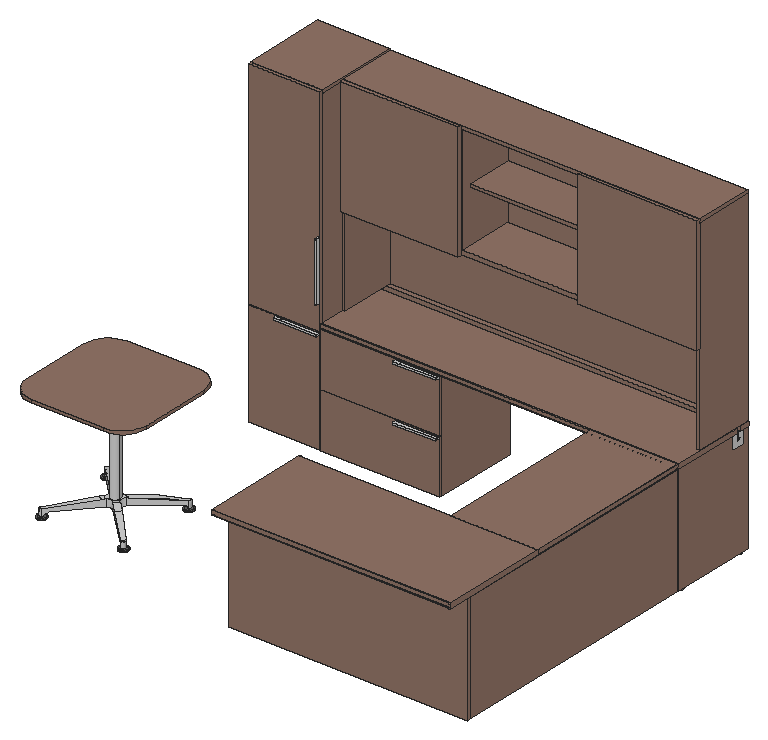
Revit family "FLV007", category Furniture, Revit 2015 (continued)
Definition of nested family "JSI-Flux-Wb_Pm_Ht"
  Dimensions and locks (in)
    aligned and locked: curve 17 to plane 26
    aligned and locked: curve 18 to plane 29
    aligned and locked: plane 58 to curve 24
    aligned and locked: plane 40 to curve 23
    aligned and locked: plane 26 to curve 24
    aligned and locked: plane 72 to nested 8
    aligned and locked: nested 8 to plane 78
    aligned and locked: Extrusion 24 sketch curve to plane 57
    aligned and locked: Extrusion 24 sketch curve to plane 58
    aligned and locked: Extrusion 24 sketch curve to plane 79
    aligned and locked: Extrusion 24 sketch curve to plane 80
    aligned and locked: plane 12 to Extrusion 24
    aligned and locked: Extrusion 24 to plane 49
    aligned and locked: curve 25 to plane 57
    aligned and locked: curve 26 to plane 58
    aligned and locked: plane 40 to curve 26
    aligned and locked: plane 26 to curve 26
    aligned and locked: plane 26 to curve 27
    aligned and locked: plane 40 to curve 28
  Automatic sketch dimensions
    Extrusion 8 sketch curve to plane 22 = 0' - 0"
    plane 25 to Extrusion 8 sketch curve = 0' - 0"
    Extrusion 9 sketch curve to plane 23 = 0' - 0"
    plane 25 to Extrusion 9 sketch curve = 0' - 0"
    Extrusion 10 sketch curve to plane 22 = 0' - 0"
    plane 24 to Extrusion 10 sketch curve = 0' - 0"
    Extrusion 11 sketch curve to plane 23 = 0' - 0"
    plane 24 to Extrusion 11 sketch curve = 0' - 0"
    plane 20 to Extrusion 1 sketch curve = 0' - 0"
    plane 20 to Extrusion 2 sketch curve = 0' - 0"
    plane 8 to curve 4 = 0' - 0"
    plane 18 to curve 14 = 0' - 0"
    plane 17 to curve 13 = 0' - 0"
    Extrusion 12 sketch curve to plane 9 = 0' - 0"
    Extrusion 13 sketch curve to plane 56 = 0' - 0"
  Nested families (in)
    nested 1: "Label 1-16" at (-27.03288, -11.0625, 0), type "DRWCFG"
    nested 2: "Hanger" at (-28.02501, -0.15625, 77.59375), Hngr L <- "Hngr_L", Hngr R <- "Hngr_R", Hanger Finish <- "Pull Finish", type "HNGR"
      with Hngr R no, Hngr L yes, Hanger Finish none
    nested 3: "Bar Pull CL" at (-32.97814, -11.0625, 26.73438), visible <- "Top_Pull", Pull Line <- "Top_Pull", Pull Finish <- "Pull Finish", type "PL"
      with Pull Line yes, Pull Finish none, Stud 0' - 1.54911", Pull Width 0' - 10 27/32"
    nested 4: "Bar Pull CL" at (-32.97814, -11.0625, 20.375), visible <- "C_Pull", Pull Line <- "C_Pull", Pull Finish <- "Pull Finish", type "PL"
      with Pull Line yes, Pull Finish none, Stud 0' - 1.54911", Pull Width 0' - 10 27/32"
    nested 5: "Bar Pull CL" at (-32.97814, -11.0625, 14.01563), visible <- "Bottom Pull", Pull Line <- "Bottom Pull", Pull Finish <- "Pull Finish", type "PL"
      with Pull Line yes, Pull Finish none, Stud 0' - 1.54911", Pull Width 0' - 10 27/32"
    nested 6: "Bar Pull V" at (-27.55626, -11.0625, 40.76563), Pull R <- "V_Pull_L_R", Pull L <- "V_Pull_L_L", Pull Finish <- "Pull Finish", type "PL"
      with Pull R no, Pull L no, Pull Finish none, Tuks Width 0' - 2.47396", Pull Width 1' - 2 27/32"
    nested 7: "Bar Pull V" at (-26.99376, -11.0625, 40.76563), Pull R <- "V_Pull_R_R", Pull L <- "V_Pull_R_L", Pull Finish <- "Pull Finish", type "PL"
      with Pull R no, Pull L yes, Pull Finish none, Tuks Width 0' - 2.47396", Pull Width 1' - 2 27/32"
    nested 8: "Bar Pull CL" at (-13.82189, -11.0625, 26.73438), Pull Finish <- "Pull Finish", visible <- "Top_2_Pull", Pull Line <- "Top_2_Pull", type "PL"
      with Pull Line no, Pull Finish none, Stud 0' - 1.54911", Pull Width 0' - 10 27/32"
  Definition of nested family "Hanger"
    Parameters
      Hngr L [instance] = yes
      Hngr R [instance] = yes
      Hanger Finish [instance] = none
    Reference planes (in)
      plane 1 "Center Front/Back": y = 0
      plane 2: z = 0
      plane 3 "Center Left/Right": x = 3.24213
    Forms (in)
      Extrusion 1, solid, material <- "Hanger Finish", visible <- "Hngr R"
        sketch origin (0, 0, -65.69959) x (1, 0, 0) y (0, 0, 1)
          loop
            line (3.24213, 65.32459) -> (3.24213, 63.58858)
            arc (3.24213, 63.58858) -> (3.7521, 62.87944) -> (4.58667, 63.13722) r 0.74803
            line (4.58667, 63.13722) -> (4.85512, 63.492) -> (4.73078, 63.58608) -> (4.45513, 63.2218)
            arc (4.45513, 63.2218) -> (3.83, 63.04103) -> (3.47835, 63.58858) r 0.54433
            line (3.47835, 63.58858) -> (3.55698, 64.7131)
            arc (3.55698, 64.7131) -> (3.65039, 65.09816) -> (3.86566, 65.43082) r 1.18359
            line (3.86566, 65.43082) -> (3.6823, 65.63583) -> (3.37377, 65.35987)
            arc (3.37377, 65.35987) -> (3.31215, 65.32654) -> (3.24213, 65.32459) r 0.15109
        from -0.46747 to 0.46747
      Extrusion 2, void
        sketch origin (3.24213, 0, -65.69959) x (0, 1, 0) y (0, 0, 1)
          loop
            line (0.46747, 65.91904) -> (0.30479, 62.81504) -> (0.46747, 62.81504) -> (0.46747, 65.91904)
          loop
            line (-0.46747, 65.91904) -> (-0.46747, 62.81504) -> (-0.30479, 62.81504) -> (-0.46747, 65.91904)
        from -1.75548 to 1.75581
      Extrusion 3, solid, material <- "Hanger Finish", visible <- "Hngr L"
        sketch origin (6.48425, 0, -65.69959) x (-1, 0, 0) y (0, 0, -1)
          loop
            arc (3.24213, -65.32459) -> (3.31215, -65.32654) -> (3.37377, -65.35987) r 0.15109
            line (3.37377, -65.35987) -> (3.6823, -65.63583) -> (3.86566, -65.43082)
            arc (3.86566, -65.43082) -> (3.65039, -65.09816) -> (3.55698, -64.7131) r 1.18359
            line (3.55698, -64.7131) -> (3.47835, -63.58858)
            arc (3.47835, -63.58858) -> (3.83, -63.04103) -> (4.45513, -63.2218) r 0.54433
            line (4.45513, -63.2218) -> (4.73078, -63.58608) -> (4.85512, -63.492) -> (4.58667, -63.13722)
            arc (4.58667, -63.13722) -> (3.7521, -62.87944) -> (3.24213, -63.58858) r 0.74803
            line (3.24213, -63.58858) -> (3.24213, -65.32459)
        from -0.46747 to 0.46747
    Cuts and joins
      Extrusion 2 cuts Extrusion 3
      Extrusion 2 cuts Extrusion 1
    Dimensions and locks (in)
      aligned and locked: level to plane 2
  Definition of nested family "Bar Pull CL"
    Parameters
      Stud = Pull Width / 7  # 0' - 2.12054"
      Pull Width = 1' - 2 27/32"
      Pull Line [instance] = yes
      Pull Finish [instance] = none
    Reference planes (in)
      plane 1 "Center Front/Back": y = 0
      plane 2: z = 0
      plane 3 "Center Left/Right": x = 3.24213
    Forms (in)
      Extrusion 1, solid, material <- "Pull Finish"
        sketch origin (0, 0, 0) x (1, 0, 0) y (0, 1, 0)
          loop
            line (-4.17975, 0) -> (-4.17975, -0.85113)
            arc (-4.17975, -0.85113) -> (-4.15229, -0.91742) -> (-4.086, -0.94488) r 0.09375
            line (-4.086, -0.94488) -> (10.58526, -0.94488)
            arc (10.58526, -0.94488) -> (10.64094, -0.92182) -> (10.664, -0.86614) r 0.07874
            line (10.664, -0.86614) -> (10.664, 0) -> (8.54347, 0) -> (8.54347, -0.70177)
            arc (8.54347, -0.70177) -> (8.50685, -0.79016) -> (8.41847, -0.82677) r 0.125
            line (8.41847, -0.82677) -> (-1.93421, -0.82677)
            arc (-1.93421, -0.82677) -> (-2.0226, -0.79016) -> (-2.05921, -0.70177) r 0.125
            line (-2.05921, -0.70177) -> (-2.05921, 0) -> (-4.17975, 0)
        from -0.43307 to -0.11811
      Extrusion 2, solid, material <- "Pull Finish"
        sketch origin (0, 0, 0) x (1, 0, 0) y (0, 1, 0)
          loop
            line (-4.17975, 0) -> (-4.17975, -0.85113)
            arc (-4.17975, -0.85113) -> (-4.15229, -0.91742) -> (-4.086, -0.94488) r 0.09375
            line (-4.086, -0.94488) -> (10.58526, -0.94488)
            arc (10.58526, -0.94488) -> (10.64094, -0.92182) -> (10.664, -0.86614) r 0.07874
            line (10.664, -0.86614) -> (10.664, 0) -> (-4.17975, 0)
        from 0 to -0.11811
    Cuts and joins
      joined: Extrusion 1, Extrusion 2
    Lines and regions (in)
      symbolic lines, visible <- "Pull Line"
        curve 1: line (-4.17975, 0, 0) -> (-4.17975, -0.85113, 0)
        curve 2: line (10.664, -0.86614, 0) -> (10.664, 0, 0)
        curve 3: line (-4.086, -0.94488, 0) -> (10.58526, -0.94488, 0)
        curve 4: arc (-4.17975, -0.85113, 0) -> (-4.15229, -0.91742, 0) -> (-4.086, -0.94488, 0) r 0.09375
        curve 5: arc (10.58526, -0.94488, 0) -> (10.64094, -0.92182, 0) -> (10.664, -0.86614, 0) r 0.07874
    Dimensions and locks (in)
      equal spacing: Extrusion 1 sketch curve, plane 3 "Center Left/Right", Extrusion 1 sketch curve
      "Stud": Extrusion 1 sketch curve to Extrusion 1 sketch curve  (x2)
      "Pull Width": Extrusion 1 sketch curve to Extrusion 1 sketch curve
      aligned and locked: level to plane 2
      aligned and locked: Extrusion 2 sketch curve to Extrusion 1  (x2)
      aligned and locked: cut or joined group of Extrusion 1, Extrusion 2 to curve 1
      aligned and locked: curve 4 to cut or joined group of Extrusion 1, Extrusion 2
      aligned and locked: curve 5 to cut or joined group of Extrusion 1, Extrusion 2
      aligned and locked: plane 1 "Center Front/Back" to curve 1
      aligned and locked: plane 1 "Center Front/Back" to curve 2
    Automatic sketch dimensions
      plane 1 "Center Front/Back" to Extrusion 2 sketch curve = 0' - 0"
      plane 1 "Center Front/Back" to Extrusion 1 sketch curve = 0' - 0"  (x2)
      Extrusion 1 sketch curve to Extrusion 1 sketch curve = 0' - 0 3/32"
      Extrusion 1 sketch curve to Extrusion 1 sketch curve = 0' - 0 1/8"  (x2)
      Extrusion 1 sketch curve to Extrusion 1 sketch curve = 0' - 0.07874"
      plane 1 "Center Front/Back" to Extrusion 1 sketch curve = 0' - 0.70177"
      Extrusion 1 sketch curve to Extrusion 1 sketch curve = 0' - 0.85113"
  Definition of nested family "Bar Pull V"
    Parameters
      Tuks Width = Pull Width / 6  # 0' - 2.47917"
      Pull Width = 1' - 2 7/8"
      Pull R [instance] = yes
      Pull L [instance] = yes
      Pull Finish [instance] = none
    Reference planes (in)
      plane 1 "Center Front/Back": y = 0
      plane 2: z = 0
      plane 3 "Center Left/Right": x = 3.24213
      plane 4: z = 7.4375
      plane 5: z = -7.4375
      plane 6: z = 4.95833
      plane 7: z = -4.95833
    Forms (in)
      Extrusion 1, solid, material <- "Pull Finish", visible <- "Pull R"
        sketch origin (3.24213, 0, 3.24963) x (0, 0, -1) y (0, 1, 0)
          loop
            line (-4.18787, 0) -> (-4.18787, -0.85113)
            arc (-4.18787, -0.85113) -> (-4.16041, -0.91742) -> (-4.09412, -0.94488) r 0.09375
            line (-4.09412, -0.94488) -> (10.60839, -0.94488)
            arc (10.60839, -0.94488) -> (10.66407, -0.92182) -> (10.68713, -0.86614) r 0.07874
            line (10.68713, -0.86614) -> (10.68713, 0) -> (8.20796, 0) -> (8.20796, -0.70177)
            arc (8.20796, -0.70177) -> (8.17135, -0.79016) -> (8.08296, -0.82677) r 0.125
            line (8.08296, -0.82677) -> (-1.5837, -0.82677)
            arc (-1.5837, -0.82677) -> (-1.67209, -0.79016) -> (-1.7087, -0.70177) r 0.125
            line (-1.7087, -0.70177) -> (-1.7087, 0) -> (-4.18787, 0)
        from -0.43307 to -0.11811
      Extrusion 2, solid, material <- "Pull Finish", visible <- "Pull R"
        sketch origin (3.24213, 0, 3.24963) x (0, 0, -1) y (0, 1, 0)
          loop
            line (-4.18787, 0) -> (-4.18787, -0.85113)
            arc (-4.18787, -0.85113) -> (-4.16041, -0.91742) -> (-4.09412, -0.94488) r 0.09375
            line (-4.09412, -0.94488) -> (10.60839, -0.94488)
            arc (10.60839, -0.94488) -> (10.66407, -0.92182) -> (10.68713, -0.86614) r 0.07874
            line (10.68713, -0.86614) -> (10.68713, 0) -> (-4.18787, 0)
        from 0 to -0.11811
      Extrusion 3, solid, material <- "Pull Finish", visible <- "Pull L"
        sketch origin (3.24213, 0, 3.24963) x (0, 0, -1) y (0, -1, 0)
          loop
            line (-4.18787, 0) -> (-1.7087, 0) -> (-1.7087, 0.70177)
            arc (-1.7087, 0.70177) -> (-1.67209, 0.79016) -> (-1.5837, 0.82677) r 0.125
            line (-1.5837, 0.82677) -> (8.08296, 0.82677)
            arc (8.08296, 0.82677) -> (8.17135, 0.79016) -> (8.20796, 0.70177) r 0.125
            line (8.20796, 0.70177) -> (8.20796, 0) -> (10.68713, 0) -> (10.68713, 0.86614)
            arc (10.68713, 0.86614) -> (10.66407, 0.92182) -> (10.60839, 0.94488) r 0.07874
            line (10.60839, 0.94488) -> (-4.09412, 0.94488)
            arc (-4.09412, 0.94488) -> (-4.16041, 0.91742) -> (-4.18787, 0.85113) r 0.09375
            line (-4.18787, 0.85113) -> (-4.18787, 0)
        from -0.43307 to -0.11811
      Extrusion 4, solid, material <- "Pull Finish", visible <- "Pull L"
        sketch origin (3.24213, 0, 3.24963) x (0, 0, -1) y (0, -1, 0)
          loop
            line (-4.18787, 0) -> (10.68713, 0) -> (10.68713, 0.86614)
            arc (10.68713, 0.86614) -> (10.66407, 0.92182) -> (10.60839, 0.94488) r 0.07874
            line (10.60839, 0.94488) -> (-4.09412, 0.94488)
            arc (-4.09412, 0.94488) -> (-4.16041, 0.91742) -> (-4.18787, 0.85113) r 0.09375
            line (-4.18787, 0.85113) -> (-4.18787, 0)
        from 0 to -0.11811
    Cuts and joins
      joined: Extrusion 1, Extrusion 2
      joined: Extrusion 3, Extrusion 4
    Dimensions and locks (in)
      "Pull Width": plane 4 to plane 5
      "Tuks Width": plane 4 to plane 6
      "Tuks Width": plane 7 to plane 5
      equal spacing: plane 4, plane 2, plane 5
      aligned and locked: level to plane 2
      aligned and locked: Extrusion 2 sketch curve to Extrusion 1  (x2)
      aligned and locked: Extrusion 4 sketch curve to Extrusion 3  (x2)
      aligned and locked: plane 4 to cut or joined group of Extrusion 1, Extrusion 2  (x3)
      aligned and locked: plane 4 to cut or joined group of Extrusion 3, Extrusion 4
      aligned and locked: cut or joined group of Extrusion 1, Extrusion 2 to plane 6
      aligned and locked: cut or joined group of Extrusion 3, Extrusion 4 to plane 6
      aligned and locked: plane 7 to cut or joined group of Extrusion 1, Extrusion 2
      aligned and locked: cut or joined group of Extrusion 1, Extrusion 2 to plane 5
      aligned and locked: cut or joined group of Extrusion 3, Extrusion 4 to plane 5
    Automatic sketch dimensions
      Extrusion 1 sketch curve to plane 4 = 0' - 0"
      Extrusion 1 sketch curve to plane 6 = 0' - 0"
      Extrusion 1 sketch curve to plane 1 "Center Front/Back" = 0' - 0"  (x2)
      Extrusion 1 sketch curve to plane 7 = 0' - 0"
      Extrusion 1 sketch curve to plane 5 = 0' - 0"
      Extrusion 1 sketch curve to Extrusion 1 sketch curve = 0' - 0 3/32"
      Extrusion 1 sketch curve to plane 6 = 0' - 0 1/8"
      plane 7 to Extrusion 1 sketch curve = 0' - 0 1/8"
      plane 5 to Extrusion 1 sketch curve = 0' - 0.07874"
      plane 1 "Center Front/Back" to Extrusion 1 sketch curve = 0' - 0.70177"
      Extrusion 1 sketch curve to Extrusion 1 sketch curve = 0' - 0.85113"
      Extrusion 2 sketch curve to plane 4 = 0' - 0"
      Extrusion 2 sketch curve to plane 5 = 0' - 0"
      Extrusion 2 sketch curve to Extrusion 2 sketch curve = 0' - 0 3/32"
      Extrusion 2 sketch curve to Extrusion 2 sketch curve = 0' - 0.07874"
      Extrusion 3 sketch curve to plane 4 = 0' - 0"
      Extrusion 3 sketch curve to plane 6 = 0' - 0"
      Extrusion 3 sketch curve to plane 1 "Center Front/Back" = 0' - 0"  (x2)
      Extrusion 3 sketch curve to plane 7 = 0' - 0"
      Extrusion 3 sketch curve to plane 5 = 0' - 0"
      Extrusion 3 sketch curve to plane 4 = 0' - 0 3/32"
      Extrusion 3 sketch curve to plane 6 = 0' - 0 1/8"
      plane 7 to Extrusion 3 sketch curve = 0' - 0 1/8"
      plane 5 to Extrusion 3 sketch curve = 0' - 0.07874"
      plane 1 "Center Front/Back" to Extrusion 3 sketch curve = 0' - 0.70177"
      Extrusion 3 sketch curve to Extrusion 3 sketch curve = 0' - 0.85113"
      Extrusion 4 sketch curve to plane 4 = 0' - 0"
      Extrusion 4 sketch curve to plane 5 = 0' - 0"
      Extrusion 4 sketch curve to plane 4 = 0' - 0 3/32"
      Extrusion 4 sketch curve to Extrusion 4 sketch curve = 0' - 0.07874"
  Definition of nested family "Label 1-16"
    Parameters
      Model Name = "BF - BF - BF"
    Reference planes (in)
      plane 1: y = 0
      plane 2: x = 0
    Text (in)
      label "XX" at (0.00051, -0.12324, 0), shows "Model Name"
Definition of nested family "JSI-Flux-Square-Stationary_Table"
  Parameters (values of type "FLT2424ST4B,Laminate 24x24 Square Stationary Height Table")
    Worksurface = none
    Width = 2' - 0"
    URL = "www.jsifurniture.com"
    Type Comments = ""
    Support = none
    Series = "FLUX"  # constant formula
    Legs = none
    Model = "FLT2424ST4B"
    Material = ""
    Manufacturer = "JSI"  # constant formula
    Keynote = "12500"
    JSI Enviromental Website = "http://www.jsifurniture.com/jsi_sustainability_intro.php"
    Height = 2' - 5"
    Glides = none
    Description = "Square Stationary Height Table, Depth 24”, Width 24”, Height 29”, Laminate"
    Depth = 2' - 0"
    Assembly Code = "E2020200"
  Types (4): name | Width | Model | Description | Depth
    FLV3030ST4B,Veneer 30x30 Square Stationary Height Table | 2' - 6" | "FLV3030ST4B" | "Square Stationary Height Table, Depth 30”, Width 30”, Height 29”, Venner" | 2' - 6"
    FLV2424ST4B,Veneer 24x24 Square Stationary Height Table | 2' - 0" | "FLV2424ST4B" | "Square Stationary Height Table, Depth 24”, Width 24”, Height 29”, Venner" | 2' - 0"
    FLT3030ST4B,Laminate 30x30 Square Stationary Height Table | 2' - 6" | "FLT3030ST4B" | "Square Stationary Height Table, Depth 30”, Width 30”, Height 29”, Laminate" | 2' - 6"
    FLT2424ST4B,Laminate 24x24 Square Stationary Height Table | 2' - 0" | "FLT2424ST4B" | "Square Stationary Height Table, Depth 24”, Width 24”, Height 29”, Laminate" | 2' - 0"
  Reference planes (in)
    plane 1: z = 0
    plane 2 "Center (Left/Right)": x = -36.06413
    plane 3: z = 29
    plane 4 "Center (Front/Back)": y = 10.75
    plane 5: z = 28.25
    plane 6: z = 28
    plane 7: y = 22.75
    plane 8: y = -1.25
    plane 9: x = -48.06413
    plane 10: x = -24.06413
    plane 11: z = 3.77058
    plane 12: through (-41.94098, 16.62684, 48) normal (-0.7071, -0.7071, 0)
    plane 13: through (-30.05373, 16.76041, 48) normal (-0.7071, 0.7071, 0)
  Forms (in)
    Sweep 1, solid, material <- "Worksurface"
      path origin (0, 0, 0) x (1, 0, 0) y (0, 1, 0)
        loop
          line (-30.06413, 22.75) -> (-42.06413, 22.75)
          arc (-42.06413, 22.75) -> (-46.30678, 20.99264) -> (-48.06413, 16.75) r 6
          line (-48.06413, 16.75) -> (-48.06413, 4.75)
          arc (-48.06413, 4.75) -> (-46.30678, 0.50736) -> (-42.06413, -1.25) r 6
          line (-42.06413, -1.25) -> (-30.06413, -1.25)
          arc (-30.06413, -1.25) -> (-25.82149, 0.50736) -> (-24.06413, 4.75) r 6
          line (-24.06413, 4.75) -> (-24.06413, 16.75)
          arc (-24.06413, 16.75) -> (-25.82149, 20.99264) -> (-30.06413, 22.75) r 6
      profile origin (-36.06413, 22.75, 0) x (0, -1, 0) y (0, 0, 1)
        loop
          line (0, 29) -> (0, 28.25) -> (0.05897, 28.25) -> (0.05897, 29) -> (0, 29)
    Extrusion 2, solid, material <- "Worksurface"
      sketch origin (-30.06413, 22.75, 29) x (-1, 0, 0) y (0, -1, 0)
        loop
          line (12, 23.94103) -> (0, 23.94103)
          arc (0, 23.94103) -> (-4.20094, 22.20094) -> (-5.94103, 18) r 5.94103
          line (-5.94103, 18) -> (-5.94103, 6)
          arc (-5.94103, 6) -> (-4.20094, 1.79906) -> (0, 0.05897) r 5.94103
          line (0, 0.05897) -> (12, 0.05897)
          arc (12, 0.05897) -> (16.20094, 1.79906) -> (17.94103, 6) r 5.94103
          line (17.94103, 6) -> (17.94103, 18)
          arc (17.94103, 18) -> (16.20094, 22.20094) -> (12, 23.94103) r 5.94103
      from 0 to -0.75
    Revolve 3, solid, material <- "Support"
      sketch origin (0, 10.75, 0) x (1, 0, 0) y (0, 0, 1)
        loop
          line (-42.06413, 28.25) -> (-42.06413, 28) -> (-36.06413, 28) -> (-36.06413, 28.25) -> (-42.06413, 28.25)
        axis (-36.06413, 28) -> (-36.06413, 28.25)
      angle from 0 to 360
    Sweep 4, solid, material <- "Legs"
      path origin (0, 0, 0) x (1, 0, 0) y (0, 0, 1)
        loop
          line (-36.06413, 3.77058) -> (-36.06413, 28)
      profile origin (-36.06413, 0, 15.88529) x (-1, 0, 0) y (0, -1, 0)
        loop
          circle (0, -10.75) r 1.17812
  Cuts and joins
    joined: Sweep 1, Extrusion 2
  Lines and regions (in)
    symbolic lines
      curve 1: line (-30.06413, 22.75, 0) -> (-42.06413, 22.75, 0)
      curve 2: arc (-42.06413, 22.75, 0) -> (-46.30678, 20.99264, 0) -> (-48.06413, 16.75, 0) r 6
      curve 3: line (-48.06413, 16.75, 0) -> (-48.06413, 4.75, 0)
      curve 4: arc (-48.06413, 4.75, 0) -> (-46.30678, 0.50736, 0) -> (-42.06413, -1.25, 0) r 6
      curve 5: line (-42.06413, -1.25, 0) -> (-30.06413, -1.25, 0)
      curve 6: arc (-30.06413, -1.25, 0) -> (-25.82149, 0.50736, 0) -> (-24.06413, 4.75, 0) r 6
      curve 7: line (-24.06413, 4.75, 0) -> (-24.06413, 16.75, 0)
      curve 8: arc (-24.06413, 16.75, 0) -> (-25.82149, 20.99264, 0) -> (-30.06413, 22.75, 0) r 6
    symbolic lines, detail levels fine
      curve 9: circle (-36.06413, 10.75, 0) r 6 normal (0, 0, 1)
  Dimensions and locks (in)
    "Height": plane 3 to level
    locked: plane 3 to plane 5 at 0.75
    locked: plane 5 to plane 6 at 0.25
    equal spacing: plane 9, plane 2 "Center (Left/Right)", plane 10
    "Width": plane 9 to plane 10
    equal spacing: plane 7, plane 4 "Center (Front/Back)", plane 8
    "Depth": plane 7 to plane 8
    locked: plane 7 to Sweep 1 sketch curve at 0.05897
    locked: plane 9 to Sweep 1 sketch curve at 6  (x2)
    locked: plane 7 to Sweep 1 sketch curve at 6  (x2)
    locked: Sweep 1 sketch curve to plane 10 at 6  (x2)
    locked: Sweep 1 sketch curve to plane 8 at 6  (x2)
    locked: plane 11 to plane 1 at 3.77058
    aligned and locked: plane 1 to level
    aligned and locked: Sweep 1 sketch curve to plane 9
    aligned and locked: Sweep 1 sketch curve to plane 10
    aligned and locked: Sweep 1 sketch curve to plane 8
    aligned and locked: Sweep 1 sketch curve to plane 7
    aligned and locked: Sweep 1 sketch curve to plane 5
    aligned and locked: Sweep 1 sketch curve to plane 3
    aligned and locked: Extrusion 2 sketch curve to Sweep 1  (x4)
    aligned and locked: Extrusion 2 to plane 3
    aligned and locked: plane 5 to Extrusion 2
    aligned and locked: plane 6 to Sweep 4 sketch curve
    aligned and locked: plane 11 to Sweep 4 sketch curve
    aligned and locked: plane 12 to nested 1
    aligned and locked: plane 13 to nested 1
    aligned and locked: curve 2 to cut or joined group of Sweep 1, Extrusion 2
    aligned and locked: curve 4 to cut or joined group of Sweep 1, Extrusion 2
    aligned and locked: curve 6 to cut or joined group of Sweep 1, Extrusion 2
    aligned and locked: curve 8 to cut or joined group of Sweep 1, Extrusion 2
  Automatic sketch dimensions
    Revolve 3 sketch curve to plane 5 = 0' - 0"
    Revolve 3 sketch curve to plane 6 = 0' - 0"  (x2)
    Revolve 3 sketch curve to plane 2 "Center (Left/Right)" = 0' - 0"  (x2)
    Revolve 3 sketch curve to plane 3 = 0' - 0"
    Revolve 3 sketch curve to Revolve 3 sketch curve = 0' - 6"
    Sweep 4 sketch curve to plane 2 "Center (Left/Right)" = 0' - 0"
    Sweep 4 sketch curve to profile plane = 0' - 0"
    Sweep 4 sketch curve to profile plane = 0' - 10 3/4"
    curve 9 to plane 2 "Center (Left/Right)" = 0' - 0"
    plane 4 "Center (Front/Back)" to curve 9 = 0' - 0"
    radius of Sweep 4 sketch curve = 0' - 1.17812"
    radius of curve 9 = 0' - 6"
  Nested families (in)
    nested 1: "Leg" at (-36.06413, 10.75, 0) x (0.7071, -0.7071, 0) z (0, 0, 1), Leg <- "Legs", Glides <- "Glides", type "LG"
      with Leg none, Glides none
  Definition of nested family "Leg"
    Parameters
      Leg [instance] = none
      Glides [instance] = none
    Reference planes (in)
      plane 1 "Center (Front/Back)": y = 0
      plane 2: z = 0
      plane 3 "Center (Left/Right)": x = 0
    Forms (in)
      Extrusion 1, solid, material <- "Leg"
        sketch origin (0, 0, 0) x (1, 0, 0) y (0, 0, 1)
          loop
            line (-0.75, 3.75) -> (-2.20054, 3.75)
            arc (-2.20054, 3.75) -> (-2.28452, 3.74948) -> (-2.36849, 3.74791) r 6.76178
            arc (-2.36849, 3.74791) -> (-8.68846, 3.25467) -> (-14.92066, 2.09494) r 59.77845
            arc (-14.92066, 2.09494) -> (-15.00208, 2.0437) -> (-15.03594, 1.95365) r 0.15077
            line (-15.03594, 1.95365) -> (-15.07979, 0.69775)
            arc (-15.07979, 0.69775) -> (-15.05871, 0.64281) -> (-15.00454, 0.61981) r 0.0753
            line (-15.00454, 0.61981) -> (-14.44703, 0.61981)
            arc (-14.44703, 0.61981) -> (-14.42739, 0.62795) -> (-14.41925, 0.6476) r 0.02778
            line (-14.41925, 0.6476) -> (-14.41925, 0.70379)
            arc (-14.41925, 0.70379) -> (-14.41195, 0.73627) -> (-14.39147, 0.7625) r 0.07593
            line (-14.39147, 0.7625) -> (-14.1971, 0.92194) -> (-13.56147, 1.31913)
            arc (-13.56147, 1.31913) -> (-13.4254, 1.38495) -> (-13.27838, 1.42011) r 0.70161
            arc (-13.27838, 1.42011) -> (-7.02608, 1.96894) -> (-0.75, 2.02611) r 80.02661
            line (-0.75, 2.02611) -> (-0.75, 3.75)
        from -1.10285 to 1.0306
      Extrusion 2, void
        sketch origin (0, 0, 0) x (1, 0, 0) y (0, 1, 0)
          loop
            line (-14.55691, 0.48872) -> (-0.75, 0.72972) -> (-0.75, 1.70351) -> (-16.50119, 1.70351) -> (-16.50119, -2.29649) -> (-0.75, -2.29649) -> (-0.75, -0.74461) -> (-14.55691, -0.50361)
            arc (-14.55691, -0.50361) -> (-15.04448, -0.00745) -> (-14.55691, 0.48872) r 0.49624
        from 0 to 12
      Extrusion 3, solid, material <- "Leg"
        sketch origin (0, 0, 0) x (-1, 0, 0) y (0, 0, -1)
          loop
            line (-0.74791, -3.75) -> (-0.74791, -2.02605)
            arc (-0.74791, -2.02605) -> (-7.02504, -1.969) -> (-13.27838, -1.42011) r 80.02661
            arc (-13.27838, -1.42011) -> (-13.4254, -1.38495) -> (-13.56147, -1.31913) r 0.70161
            line (-13.56147, -1.31913) -> (-14.1971, -0.92194) -> (-14.39147, -0.7625)
            arc (-14.39147, -0.7625) -> (-14.41195, -0.73627) -> (-14.41925, -0.70379) r 0.07593
            line (-14.41925, -0.70379) -> (-14.41925, -0.6476)
            arc (-14.41925, -0.6476) -> (-14.42739, -0.62795) -> (-14.44703, -0.61981) r 0.02778
            line (-14.44703, -0.61981) -> (-15.00454, -0.61981)
            arc (-15.00454, -0.61981) -> (-15.05871, -0.64281) -> (-15.07979, -0.69775) r 0.0753
            line (-15.07979, -0.69775) -> (-15.03594, -1.95365)
            arc (-15.03594, -1.95365) -> (-15.00208, -2.0437) -> (-14.92066, -2.09494) r 0.15077
            arc (-14.92066, -2.09494) -> (-10.28979, -3.0217) -> (-5.60021, -3.58) r 59.77845
            arc (-5.60021, -3.58) -> (-3.45063, -3.70748) -> (-1.29769, -3.75) r 54.53193
            line (-1.29769, -3.75) -> (-0.74791, -3.75)
        from -1.10285 to 1.0306
      Extrusion 4, solid, material <- "Leg"
        sketch origin (-0.03613, 0.03613, 0) x (0, -1, 0) y (0, 0, 1)
          loop
            line (-0.71387, 3.75) -> (-2.24983, 3.75)
            arc (-2.24983, 3.75) -> (-2.28238, 3.74981) -> (-2.31494, 3.74922) r 2.71957
            arc (-2.31494, 3.74922) -> (-8.6619, 3.25816) -> (-14.92066, 2.09494) r 59.77845
            arc (-14.92066, 2.09494) -> (-15.00208, 2.0437) -> (-15.03594, 1.95365) r 0.15077
            line (-15.03594, 1.95365) -> (-15.07979, 0.69775)
            arc (-15.07979, 0.69775) -> (-15.05871, 0.64281) -> (-15.00454, 0.61981) r 0.0753
            line (-15.00454, 0.61981) -> (-14.44703, 0.61981)
            arc (-14.44703, 0.61981) -> (-14.42739, 0.62795) -> (-14.41925, 0.6476) r 0.02778
            line (-14.41925, 0.6476) -> (-14.41925, 0.70379)
            arc (-14.41925, 0.70379) -> (-14.41195, 0.73627) -> (-14.39147, 0.7625) r 0.07593
            line (-14.39147, 0.7625) -> (-14.1971, 0.92194) -> (-13.56147, 1.31913)
            arc (-13.56147, 1.31913) -> (-13.4254, 1.38495) -> (-13.27838, 1.42011) r 0.70161
            arc (-13.27838, 1.42011) -> (-7.00803, 1.96982) -> (-0.71387, 2.02502) r 80.02661
            line (-0.71387, 2.02502) -> (-0.71387, 3.75)
        from -1.10285 to 1.0306
      Extrusion 5, solid, material <- "Leg"
        sketch origin (-0.03613, 0.03613, 0) x (0, 1, 0) y (0, 0, -1)
          loop
            line (-0.78352, -3.75) -> (-0.78352, -2.02712)
            arc (-0.78352, -2.02712) -> (-7.04283, -1.96813) -> (-13.27838, -1.42011) r 80.02661
            arc (-13.27838, -1.42011) -> (-13.4254, -1.38495) -> (-13.56147, -1.31913) r 0.70161
            line (-13.56147, -1.31913) -> (-14.1971, -0.92194) -> (-14.39147, -0.7625)
            arc (-14.39147, -0.7625) -> (-14.41195, -0.73627) -> (-14.41925, -0.70379) r 0.07593
            line (-14.41925, -0.70379) -> (-14.41925, -0.6476)
            arc (-14.41925, -0.6476) -> (-14.42739, -0.62795) -> (-14.44703, -0.61981) r 0.02778
            line (-14.44703, -0.61981) -> (-15.00454, -0.61981)
            arc (-15.00454, -0.61981) -> (-15.05871, -0.64281) -> (-15.07979, -0.69775) r 0.0753
            line (-15.07979, -0.69775) -> (-15.03594, -1.95365)
            arc (-15.03594, -1.95365) -> (-15.00208, -2.0437) -> (-14.92066, -2.09494) r 0.15077
            arc (-14.92066, -2.09494) -> (-9.01897, -3.21021) -> (-3.03515, -3.72763) r 59.77845
            arc (-3.03515, -3.72763) -> (-2.41385, -3.74441) -> (-1.79235, -3.75) r 34.5321
            line (-1.79235, -3.75) -> (-0.78352, -3.75)
        from -1.10285 to 1.0306
      Extrusion 6, void
        sketch origin (0, 0, 0) x (-1, 0, 0) y (0, -1, 0)
          loop
            arc (-14.55691, -0.48872) -> (-15.04448, 0.00745) -> (-14.55691, 0.50361) r 0.49624
            line (-14.55691, 0.50361) -> (-0.74791, 0.74465) -> (-0.74791, 2.29649) -> (-16.50119, 2.29649) -> (-16.50119, -1.70351) -> (-0.74791, -1.70351) -> (-0.74791, -0.72975) -> (-14.55691, -0.48872)
        from 0 to 12
      Extrusion 7, void
        sketch origin (0, 0, 0) x (1, 0, 0) y (0, 1, 0)
          loop
            arc (-0.47855, 14.53044) -> (0.02322, 15.02291) -> (0.52377, 14.52919) r 0.50122
            line (0.52377, 14.52919) -> (0.73, 0.75) -> (1.68672, 0.75) -> (1.68672, 16.01475) -> (-1.68828, 16.01475) -> (-1.68828, 0.75) -> (-0.71909, 0.75) -> (-0.47855, 14.53044)
        from 0 to 12
      Extrusion 8, void
        sketch origin (0, 0, 0) x (1, 0, 0) y (0, 1, 0)
          loop
            line (-0.47855, -14.53044) -> (-0.72233, -0.56407) -> (-1.68828, -0.56407) -> (-1.68828, -16.01475) -> (1.68672, -16.01475) -> (1.68672, -0.56407) -> (0.73278, -0.56407) -> (0.52377, -14.52919)
            arc (0.52377, -14.52919) -> (0.02322, -15.02291) -> (-0.47855, -14.53044) r 0.50122
        from 0 to 12
      Extrusion 9, solid, material <- "Leg"
        sketch origin (0, 0, 0) x (1, 0, 0) y (0, 1, 0)
          loop
            line (-1.90725, 0.70952) -> (-1.90725, -0.70952)
            arc (-1.90725, -0.70952) -> (-1.07649, -1.1791) -> (-0.69632, -2.05439) r 1.50197
            line (-0.69632, -2.05439) -> (0.69632, -2.05439)
            arc (0.69632, -2.05439) -> (1.07649, -1.1791) -> (1.90725, -0.70952) r 1.50197
            line (1.90725, -0.70952) -> (1.90725, 0.70952)
            arc (1.90725, 0.70952) -> (1.07649, 1.1791) -> (0.69632, 2.05439) r 1.50197
            line (0.69632, 2.05439) -> (-0.69632, 2.05439)
            arc (-0.69632, 2.05439) -> (-1.07649, 1.1791) -> (-1.90725, 0.70952) r 1.50197
        from 2.00819 to 3.75642
      Revolve 10, solid, material <- "Leg"
        sketch origin (0, 0, 0) x (1, 0, 0) y (0, 0, 1)
          loop
            line (0, 2.05426) -> (-1.16333, 2.05426) -> (-1.16333, 1.71999)
            arc (-1.16333, 1.71999) -> (-1.14097, 1.66602) -> (-1.087, 1.64366) r 0.07633
            line (-1.087, 1.64366) -> (0, 1.64366) -> (0, 2.05426)
          axis (0, 1.64366) -> (0, 2.05426)
        angle from 0 to 360
      Revolve 11, solid, material <- "Glides"
        sketch origin (0, 0, 0) x (1, 0, 0) y (0, 0, 1)
          loop
            line (-14.51957, 1.36981) -> (-14.75934, 1.36981) -> (-14.75934, 0.36981) -> (-15.57513, 0.36981)
            arc (-15.57513, 0.36981) -> (-15.66284, 0.33348) -> (-15.69917, 0.24577) r 0.12404
            line (-15.69917, 0.24577) -> (-15.69917, 0.1176)
            arc (-15.69917, 0.1176) -> (-15.66472, 0.03445) -> (-15.58156, 0) r 0.1176
            line (-15.58156, 0) -> (-14.51957, 0) -> (-14.51957, 1.36981)
          axis (-14.51957, 1.36981) -> (-14.51957, 0)
        angle from 0 to 360
      Revolve 12, solid, material <- "Glides"
        sketch origin (0, 0, 0) x (-1, 0, 0) y (0, 0, 1)
          loop
            line (-14.51957, 1.36981) -> (-14.75934, 1.36981) -> (-14.75934, 0.36981) -> (-15.57513, 0.36981)
            arc (-15.57513, 0.36981) -> (-15.66284, 0.33348) -> (-15.69917, 0.24577) r 0.12404
            line (-15.69917, 0.24577) -> (-15.69917, 0.1176)
            arc (-15.69917, 0.1176) -> (-15.66472, 0.03445) -> (-15.58156, 0) r 0.1176
            line (-15.58156, 0) -> (-14.51957, 0) -> (-14.51957, 1.36981)
          axis (-14.51957, 1.36981) -> (-14.51957, 0)
        angle from 0 to 360
      Revolve 13, solid, material <- "Glides"
        sketch origin (-14.49612, 14.51452, 0) x (-1, 0, 0) y (0, 0, 1)
          loop
            line (-14.51957, 1.36981) -> (-14.75934, 1.36981) -> (-14.75934, 0.36981) -> (-15.57513, 0.36981)
            arc (-15.57513, 0.36981) -> (-15.66284, 0.33348) -> (-15.69917, 0.24577) r 0.12404
            line (-15.69917, 0.24577) -> (-15.69917, 0.1176)
            arc (-15.69917, 0.1176) -> (-15.66472, 0.03445) -> (-15.58156, 0) r 0.1176
            line (-15.58156, 0) -> (-14.51957, 0) -> (-14.51957, 1.36981)
          axis (-14.51957, 1.36981) -> (-14.51957, 0)
        angle from 0 to 360
      Revolve 14, solid, material <- "Glides"
        sketch origin (-14.49612, -14.51452, 0) x (-1, 0, 0) y (0, 0, 1)
          loop
            line (-14.51957, 1.36981) -> (-14.75934, 1.36981) -> (-14.75934, 0.36981) -> (-15.57513, 0.36981)
            arc (-15.57513, 0.36981) -> (-15.66284, 0.33348) -> (-15.69917, 0.24577) r 0.12404
            line (-15.69917, 0.24577) -> (-15.69917, 0.1176)
            arc (-15.69917, 0.1176) -> (-15.66472, 0.03445) -> (-15.58156, 0) r 0.1176
            line (-15.58156, 0) -> (-14.51957, 0) -> (-14.51957, 1.36981)
          axis (-14.51957, 1.36981) -> (-14.51957, 0)
        angle from 0 to 360
    Cuts and joins
      Extrusion 2, Extrusion 6 cuts Extrusion 1
      Extrusion 6 cuts Extrusion 3
      Extrusion 6, Extrusion 7, Extrusion 8 cuts Extrusion 4
      Extrusion 8 cuts Extrusion 5
      joined: Extrusion 1, Extrusion 3, Extrusion 4, Extrusion 5, Extrusion 9
    Lines and regions (in)
      symbolic lines, detail levels fine
        curve 1: line (-14.56621, 0.48679, 0) -> (-2.16753, 0.70498, 0)
        curve 2: line (-14.56579, -0.50418, 0) -> (-2.16871, -0.71162, 0)
        curve 3: arc (-14.56621, 0.48679, 0) -> (-15.05305, -0.0089, 0) -> (-14.56579, -0.50418, 0) r 0.49556
        curve 4: arc (-13.4488, 0.50646, 0) -> (-15.69781, -0.00821, 0) -> (-13.4488, -0.52287, 0) r 1.18339
        curve 5: line (14.56621, 0.48679, 0) -> (2.182, 0.70472, 0)
        curve 6: line (14.56579, -0.50418, 0) -> (2.1832, -0.71138, 0)
        curve 7: arc (14.56621, 0.48679, 0) -> (15.05305, -0.0089, 0) -> (14.56579, -0.50418, 0) r 0.49556
        curve 8: arc (13.4488, 0.50646, 0) -> (15.69781, -0.00821, 0) -> (13.4488, -0.52287, 0) r 1.18339
        curve 9: line (-0.47841, 14.53837, 0) -> (-0.69415, 2.17857, 0)
        curve 10: line (0.52365, 14.53712, 0) -> (0.70856, 2.18204, 0)
        curve 11: arc (-0.47841, 14.53837, 0) -> (0.02323, 15.03072, 0) -> (0.52365, 14.53712, 0) r 0.5011
        curve 12: arc (-0.49727, 13.45807, 0) -> (0.02127, 15.68819, 0) -> (0.5398, 13.45807, 0) r 1.17534
        curve 13: line (-0.47841, -14.53837, 0) -> (-0.69403, -2.18523, 0)
        curve 14: line (0.52365, -14.53712, 0) -> (0.70846, -2.18872, 0)
        curve 15: arc (-0.47841, -14.53837, 0) -> (0.02323, -15.03072, 0) -> (0.52365, -14.53712, 0) r 0.5011
        curve 16: arc (-0.49727, -13.45807, 0) -> (0.02127, -15.68819, 0) -> (0.5398, -13.45807, 0) r 1.17534
        curve 17: arc (-2.16753, 0.70498, 0) -> (-1.13319, 1.14416, 0) -> (-0.69415, 2.17857, 0) r 1.5
        curve 18: arc (-2.16871, -0.71162, 0) -> (-1.13353, -1.15037, 0) -> (-0.69403, -2.18523, 0) r 1.5
        curve 19: arc (0.70856, 2.18204, 0) -> (1.14634, 1.14523, 0) -> (2.182, 0.70472, 0) r 1.5
        curve 20: arc (2.1832, -0.71138, 0) -> (1.1467, -1.15144, 0) -> (0.70846, -2.18872, 0) r 1.5
        curve 21: circle (0, 0, 0) r 1.16333 normal (0, 0, 1)
    Dimensions and locks (in)
      aligned and locked: plane 2 to level
